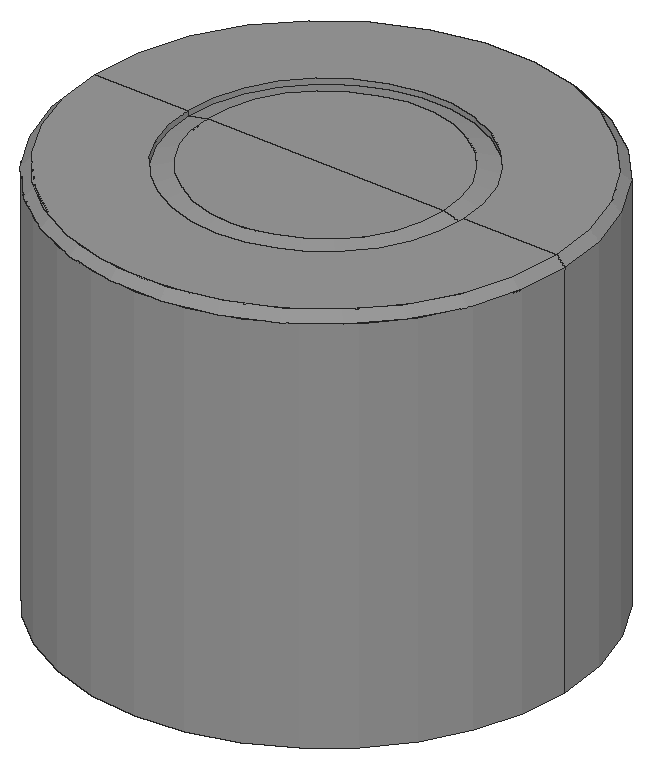
Revit family "4068700 Sylvania Lighting Fixture PATHE WALL ROUND2 85LM LED 4K", category Lighting Fixtures, host Face, Revit 2016
Family settings
  Host = Face
  Part Type = Normal
  Round Connector Dimension = Use Diameter
  OmniClass Number = 23.80.70.00
  OmniClass Title = Lighting
  Cut with Voids When Loaded = No
  Light Source = Yes
  Shared = No
  Room Calculation Point = No
Parameters (values of type "4068700 PATHE/W/R2 85LM LED 4K")
  Weight = "0.6 kg"
  Wattage Comments = ""
  Wattage = 1.5 W
  WarrantyStartDate [instance] = "n/a"
  WarrantyGuarantorParts = "n/a"
  WarrantyDurationUnit = "n/a"
  WarrantyDurationParts = "n/a"
  WarrantyDescription = "n/a"
  built-in parameter 1150110 = 1 (stored number, unit not read)
  Voltage = 0 V
  URL = "http://www.sylvania-lighting.com"
  TypeName = "PATHE/WALL/ROUND2 85LM LED 4K"
  Type Image = <None>
  Type Comments = "n/a"
  built-in parameter 1114217 = 1 (stored number, unit not read)
  Tilt Angle = 90.00°
  built-in parameter 1150109 = 1 (stored number, unit not read)
  built-in parameter 1150134 = 12
  built-in parameter 1150113 = 1 (stored number, unit not read)
  SerialNumber [instance] = "n/a"
  Radius_SYL = 47.5 mm
  RadiusDiffuser_SYL = 27.5 mm
  Photometric Web File = "4068700.ies"
  Material_3_SYL = none
  PowerFactor = 0
  PowerConsumption = "1.5 W"
  NominalLength = 95 mm
  NominalHeight = 75 mm
  NominalDepth = 0 mm
  Name = "PATHE/WALL/ROUND2 85LM LED 4K"
  ModelReference = Name  # "PATHE/WALL/ROUND2 85LM LED 4K"
  ModelNumber = "4068700"
  Model = Name  # "PATHE/WALL/ROUND2 85LM LED 4K"
  Material = "corrosion resistant anodized aluminum housing, tempered safety glass diffuser"
  ManufacturerName = "Feilo Sylvania"
  Manufacturer = "Feilo Sylvania"
  LuminousEfficacy = "56.66 lm/W"
  built-in parameter 1150105 = 6.7641 (stored number, unit not read)
  Lumens = 85 lm
  LuminaireType = ""
  built-in parameter 1150115 = 1 (stored number, unit not read)
  LightOutputRatio = "100"
  built-in parameter 1150137 = (empty or 0)
  built-in parameter 1150139 = (empty or 0)
  LampsType = Lamp  # "LED"
  LampNominalLuminous = "85 lm"
  LampMacAdamStep = "n/a"
  LampColourTemperature = "4000 K"
  LampColourRenderingIndex = "80"
  built-in parameter 1150112 = 1 (stored number, unit not read)
  built-in parameter 1150114 = 1 (stored number, unit not read)
  Lamp = "LED"
  Keynote = "16500"
  InstallationDate [instance] = "n/a"
  InputVoltage = "n/a"
  InputNominalFrequency = "n/a"
  built-in parameter 1150132 = (empty or 0)
  built-in parameter 1150102 = (empty or 0)
  built-in parameter 1150107 = 4000 (stored number, unit not read)
  built-in parameter 1150138 = (empty or 0)
  IngressProtection = "IP67"
  ImpactProtectionIndex = "IK10"
  built-in parameter 1150106 = 0.067641 (stored number, unit not read)
  IfcExportType = "IfcLightFixtureType"
  IfcExportAs = "IfcLightFixtureType"
  HieghtTop_SYL = 2.2 mm
  ExpectedLife = 50000
  Emit from Circle Diameter = RadiusDiffuser_SYL * 2  # 55 mm
  Emit Shape Visible in Rendering = no
  ElectricShockClassification = "Class I"
  built-in parameter 1150104 = 5.2645 (stored number, unit not read)
  DurationUnit = "hours"
  DocumentationLiterature = "http://www.sylvania-lighting.com/product/en-int/products/4068700"
  DimmingControlOptions = "n/a"
  Material_2_SYL = Polycarbonate, Clear
  Dimming Lamp Color Temperature Shift = <None>
  Description = "Round recessed wall luminaireCorrosion resistant anodized aluminum, 85lm, 1.5W, 57lm/W, 4000K, CRI80+, non dimmable, IP67, IK10, (ØxD) Ø95x75mm, 3 step MacAdam ellipse, class I, 220-240, A++ A+ A"
  Default Elevation = 1219.2 mm
  CreatedOn = "9/21/2018"
  CreatedBy = "@sylvania-lighting.com"
  Cost = 0
  Color Filter = 16777215
  built-in parameter 1114216 [instance] = (empty or 0)
  ClassificationValue = "EF_70_80"
  ClassificationName = "Uniclass2015"
  Material_1_SYL = Aluminum 6061 T6 80 Hot Formed
  ChamferTop_SYL = 1.7 mm
  ChamferDiffuserTop_SYL = 4 mm
  ChamferDiffuserSide_SYL = 1 mm
  BarCode [instance] = "n/a"
  built-in parameter 1114218 = 1 (stored number, unit not read)
  built-in parameter 1150133 = 10 (stored number, unit not read)
  AssetType = "Fixed"
  AssetIdentifier [instance] = "n/a"
  Assembly Code = "D5020200"
  Apparent Load = 1.5 VA
  Material_4_SYL = none
Reference planes
  plane 1 "Center (Front/Back)": y = 0
  plane 2: z = 0
  plane 3 "Center (Left/Right)": x = 0
  plane 4: x = -40
  plane 5: x = -47.5
  plane 6: z = -75
  plane 7: x = -27.5
  plane 8: z = 2.2
  plane 9: x = -45.8
  plane 10: z = -36
  plane 11: z = -29.5
  plane 12: x = -23.5
  plane 13: z = 1.2
  plane 14: z = -6
  plane 15: z = 0.5
Forms (mm)
  Revolve 1, solid, material "Aluminum 6061 T6 80 Hot Formed" <- "Material_1_SYL"
    sketch origin (0, 0, 0) x (1, 0, 0) y (0, 0, 1)
      loop
        line (-47.5, -75) -> (0, -75) -> (0, -6) -> (-45.8, -6) -> (-45.8, 0) -> (-27.5, 0) -> (-27.5, 2.2) -> (-45.8, 2.2) -> (-47.5, 0.5) -> (-47.5, -75)
      axis (0, 2.2) -> (0, -75)
    angle from 360 to 0
  Revolve 2, solid, material "Polycarbonate, Clear" <- "Material_2_SYL"
    sketch origin (0, 0, 0) x (1, 0, 0) y (0, 0, 1)
      loop
        line (-27.5, 1.2) -> (-27.5, 0) -> (0, 0) -> (0, 2.2) -> (-23.5, 2.2) -> (-27.5, 1.2)
      axis (0, 2.2) -> (0, 0)
    angle from 360 to 0
  Revolve 3, void
    sketch origin (0, 0, 0) x (1, 0, 0) y (0, 0, 1)
      loop
        line (0, -75) -> (0, 0) -> (-47.5, 0) -> (-47.5, -75) -> (0, -75)
      axis (0, 0) -> (0, -75)
    angle from 360 to 0
Cuts and joins
  Revolve 3 cuts Revolve 2
Dimensions and locks
  locked: plane 2 to plane 6 at 75
  locked: plane 3 "Center (Left/Right)" to plane 4 at 40
  "Radius_SYL": plane 3 "Center (Left/Right)" to plane 5
  "RadiusDiffuser_SYL": plane 3 "Center (Left/Right)" to plane 7
  "ChamferTop_SYL": plane 9 to plane 5
  "ChamferDiffuserSide_SYL": plane 8 to plane 13
  "ChamferDiffuserTop_SYL": plane 12 to plane 7
  locked: plane 2 to plane 14 at 6
  "ChamferTop_SYL": plane 8 to plane 15
  "HieghtTop_SYL": plane 8 to plane 2
  aligned and locked: plane 2 to host face
  aligned and locked: level to host face
  aligned and locked: Revolve 1 sketch curve to plane 3 "Center (Left/Right)"  (x2)
  aligned and locked: plane 5 to Revolve 1 sketch curve
  aligned and locked: plane 8 to Revolve 1 sketch curve
  aligned and locked: level to Revolve 1 sketch curve
  aligned and locked: plane 9 to Revolve 1 sketch curve  (x2)
  aligned and locked: plane 7 to Revolve 1 sketch curve
  aligned and locked: plane 8 to Revolve 2 sketch curve
  aligned and locked: Revolve 2 sketch curve to plane 3 "Center (Left/Right)"  (x2)
  aligned and locked: Revolve 1 to Revolve 2 sketch curve
  aligned and locked: plane 14 to Revolve 1 sketch curve
  aligned and locked: plane 12 to Revolve 2 sketch curve
  aligned and locked: plane 7 to Revolve 2 sketch curve
  aligned and locked: plane 13 to Revolve 2 sketch curve
  aligned and locked: imposter light to plane 8
  aligned and locked: imposter light to plane 1 "Center (Front/Back)"
  aligned and locked: plane 3 "Center (Left/Right)" to imposter light
  aligned and locked: plane 15 to Revolve 1 sketch curve
  aligned and locked: plane 6 to Revolve 1 sketch curve
  aligned and locked: Revolve 3 sketch curve to plane 3 "Center (Left/Right)"  (x2)
  aligned and locked: Revolve 3 sketch curve to Revolve 1
  aligned and locked: Revolve 3 sketch curve to level
  aligned and locked: plane 5 to Revolve 3 sketch curve
Automatic sketch dimensions
  host sketch curve to host sketch curve = 2438.4 mm  (x2)
  plane 6 to Revolve 2 sketch curve = 534.6 mm
  Revolve 2 sketch curve to Revolve 2 sketch curve = 2607.058 mm
  plane 6 to Revolve 1 sketch curve = 534.6 mm
  Revolve 1 sketch curve to plane 8 = 2607.058 mm
  plane 6 to Revolve 3 sketch curve = 534.6 mm
  Revolve 3 sketch curve to plane 8 = 2607.058 mm
Connectors
  electrical at (0, 0, 0), driven by "Apparent Load", driven by "PowerFactor", driven by "Voltage"
    settings: index 1, voltage 0 V, apparent load 1.5 VA, apparent load phase1 0 VA, apparent load phase2 0 VA, apparent load phase3 0 VA, power factor 0, load classification "Lighting", number of poles 1, system type 30, power factor state 1, is connector primary yes, connector utility no, sub classification motor no, connector description ""
